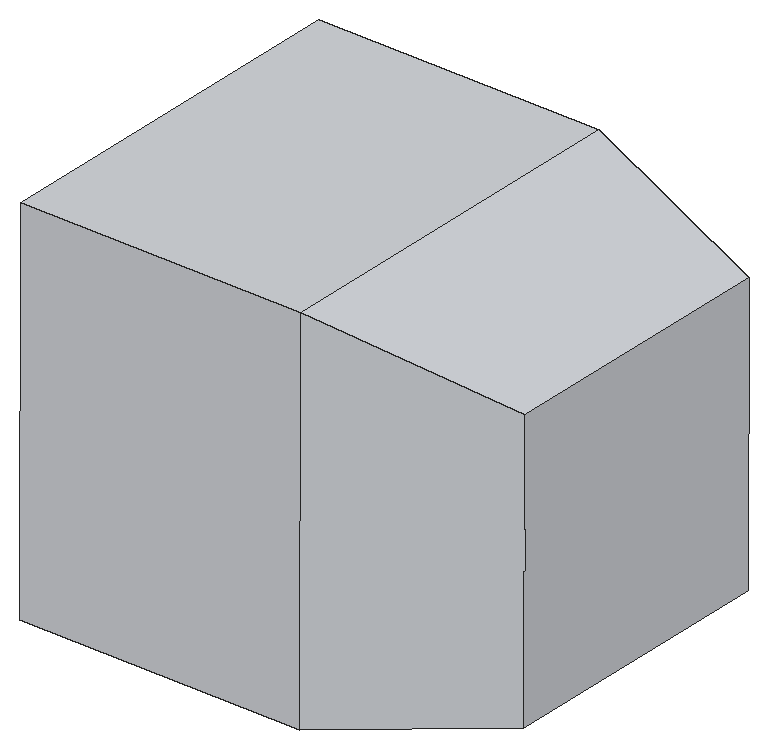
Revit family "M_Rectangular Tap - Pyramidal", category Duct Fittings, Revit 2014
Parameters (values of type "Standard")
  built-in parameter 1114214 [instance] = 150 mm
  built-in parameter 1114213 [instance] = 100 mm
  built-in parameter 1114215 [instance] = if(Duct Width 2 > 400 mm, Duct Width 2 * Length Multiplier, 100 mm)  # 0.32808 (stored number, unit not read)
  Length Multiplier [instance] = 0.25
  Duct Width 2 [instance] = 150 mm
  Duct Width 1 [instance] = Duct Width 2 + Adjustment Width  # 200 mm
  Duct Height 2 [instance] = 150 mm
  Duct Height 1 [instance] = Duct Height 2 + Adjustment Height  # 200 mm
  Adjustment Width [instance] = 50 mm
  Adjustment Height [instance] = 50 mm
Reference planes
  plane 1 "Center (Front/Back)": y = 0
  plane 2: z = 0
  plane 3 "Center (Left/Right)": x = 0
  plane 4: y = 75
  plane 5: y = -75
  plane 6: z = 75
  plane 7: z = -75
  plane 8: y = 100
  plane 9: y = -100
  plane 10: z = -100
  plane 11: z = 100
  plane 12: x = -150
  plane 13: x = 100
Forms (mm)
  Extrusion 1, solid, detail levels medium+fine
    sketch origin (0, 0, 0) x (0, 1, 0) y (0, 0, 1)
      loop
        line (100, 100) -> (-100, 100) -> (-100, -100) -> (100, -100) -> (100, 100)
    from 0 to -150
  Blend 2, solid, detail levels medium+fine
    base sketch origin (0, 0, 0) x (0, 1, 0) y (0, 0, 1)
      loop
        line (100, 100) -> (-100, 100) -> (-100, -100) -> (100, -100) -> (100, 100)
    top sketch origin (0, 0, 0) x (0, 1, 0) y (0, 0, 1)
      loop
        line (75, 75) -> (-75, 75) -> (-75, -75) -> (75, -75) -> (75, 75)
    from 0 to 100
  Extrusion 3, solid, detail levels medium+fine
    sketch origin (0, 0, 0) x (0, 1, 0) y (0, 0, 1)
      loop
        circle (0, 0) r 12.7
    from 0 to 100
Cuts and joins
  joined: Extrusion 1, Blend 2, Extrusion 3
Lines and regions (mm)
  model lines, detail levels coarse
    curve 1: line (0, 0, 0) -> (100, 0, 0)
Dimensions and locks
  equal spacing: plane 6, plane 2, plane 7
  "Duct Height 2": plane 6 to plane 7
  equal spacing: plane 4, plane 1 "Center (Front/Back)", plane 5
  "Duct Width 2": plane 4 to plane 5
  equal spacing: plane 8, plane 1 "Center (Front/Back)", plane 9
  "Duct Width 1": plane 8 to plane 9
  equal spacing: plane 11, plane 2, plane 10
  "Duct Height 1": plane 11 to plane 10
  "built-in parameter 1114214": plane 12 to plane 3 "Center (Left/Right)"
  "built-in parameter 1114213": plane 3 "Center (Left/Right)" to plane 13
  aligned and locked: Extrusion 1 sketch curve to plane 11
  aligned and locked: Extrusion 1 sketch curve to plane 9
  aligned and locked: plane 10 to Extrusion 1 sketch curve
  aligned and locked: plane 8 to Extrusion 1 sketch curve
  aligned and locked: Extrusion 1 to plane 3 "Center (Left/Right)"
  aligned and locked: Extrusion 1 to plane 12
  aligned and locked: Blend 2 sketch curve to plane 11
  aligned and locked: plane 8 to Blend 2 sketch curve
  aligned and locked: plane 10 to Blend 2 sketch curve
  aligned and locked: Blend 2 sketch curve to plane 9
  aligned and locked: Blend 2 sketch curve to plane 6
  aligned and locked: plane 4 to Blend 2 sketch curve
  aligned and locked: plane 7 to Blend 2 sketch curve
  aligned and locked: Blend 2 sketch curve to plane 5
  aligned and locked: Blend 2 to plane 3 "Center (Left/Right)"
  aligned and locked: plane 13 to Blend 2
  aligned and locked: level to Extrusion 3 sketch curve
  aligned and locked: plane 1 "Center (Front/Back)" to Extrusion 3 sketch curve
  aligned and locked: plane 13 to Extrusion 3
  aligned and locked: Extrusion 3 to plane 3 "Center (Left/Right)"
  aligned and locked: plane 1 "Center (Front/Back)" to curve 1
  aligned and locked: plane 13 to curve 1
  aligned and locked: plane 3 "Center (Left/Right)" to curve 1
Automatic sketch dimensions
  radius of Extrusion 3 sketch curve = 12.7 mm
Connectors
  hvac at (0, 0, 0), driven by "Duct Height 2", driven by "Duct Width 2"
    settings: on Extrusion 3, index 1, duct flow 0.0 L/s, flow factor 0, pres drop 0.0 Pa, loss coef 0, conn angle 0.00°, conn width 150 mm, conn height 150 mm, conn diameter 609.6 mm, duct sys type 28, conn prof type 1, flow config 0, flow direction 0, loss method 0, conn ref index 2, conn util no, is conn primary yes, conn desc ""
  hvac at (100, 0, 0), driven by "Duct Height 2", driven by "Duct Width 2"
    settings: on Extrusion 3, index 2, duct flow 0.0 L/s, flow factor 0, pres drop 0.0 Pa, loss coef 0, conn angle 0.00°, conn width 150 mm, conn height 150 mm, conn diameter 609.6 mm, duct sys type 28, conn prof type 1, flow config 0, flow direction 0, loss method 0, conn ref index 1, conn util no, is conn primary no, conn desc ""
